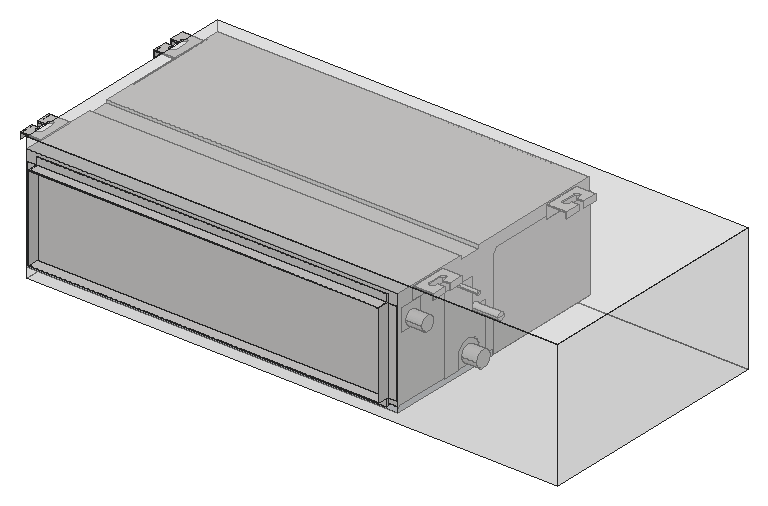
Revit family "outputfile", category 機械設備, Revit 2024
Family settings
  丸型コネクタ寸法 = 半径を使用
  パーツ タイプ = 標準
  OmniClass 番号 = 23.75.10.24.21.27.27
  OmniClass タイトル = Split System Air Conditioning Units
  作業面ベース = いいえ
  常に垂直 = はい
  ロード時にボイドで切り取り = いいえ
  注釈の向きを維持 = いいえ
  共有 = いいえ
  部屋計算ポイント = はい
Parameters (values of type "FXDQ25SPV1")
  Description = ""
  製造元 = "Daikin"
  書き出し IFC クラス(タイプ) = "IfcUnitaryEquipmentType"
  定義済み IFC タイプ(タイプ) = "AIRCONDITIONINGUNIT"
  Cost = 0
  モデル = "FXDQ25SPV1"
  Type Comments = ""
  Keynote = ""
  Type Image = (empty or 0)
  Assembly Code = ""
  w_pipe = 33.0 mm
  r_Liquid Pipe Size = Liquid Pipe Size / 2  # 3.2 mm
  r_Gas Pipe Size = Gas Pipe Size / 2  # 6.35 mm
  r_Drain Pipe Size = Drain Pipe Size / 2  # 10.0 mm
  lw_powersupply = 304.0 mm
  lw_ductflange2 = 630.0 mm
  lw_clearancespace = 1000.0 mm
  lw_Width = 660.0 mm
  lh_suctionflange [instance] = if(Rear Connection_Return Air, 100.0 mm, 190.0 mm)  # 100.0 mm
  lh_liquidpipe = 154.5 mm
  ld_suctionflange [instance] = if(Rear Connection_Return Air, 190.0 mm, 100.0 mm)  # 190.0 mm
  ld_powersupply = 60.0 mm
  angle_vertical_RA [instance] = if(Rear Connection_Return Air, 90.00°, 0.00°)  # 90.00°
  angle horizontal_RA [instance] = if(Rear Connection_Return Air, 180.00°, 270.00°)  # 180.00°
  Voltage_comment_50Hz = "220-240"
  Voltage_50Hz = 230 V
  URL = ""
  Supply Air Direction [instance] = yes
  Sound Power Level_H speed (dB) = 0
  Rear Connection_Return Air [instance] = not(Bottom Connection_Return Air)  # yes
  RA_length = 190.0 mm  # constant formula
  Phase_50Hz = 1
  Minimum External Static Pressure = 10.00 Pa
  Minimum Circuit Amps_50Hz = 0.7 A
  Maximum Fuse Amps_50Hz = 16.0 A
  Maximum External Static Pressure = 30.00 Pa
  Material_Casing = DAIKIN_GalvanizedSteel_Casing_indoorunit
  lw_liquidpipe = 39.2 mm  # constant formula
  lw_gaspipe = 50.6 mm  # constant formula
  lw_mountinghole_pitch = 740.0 mm
  lw_mountinghole = 20.0 mm  # constant formula
  lw_drainpipe = 33.0 mm  # constant formula
  lh_powersupply = 10.0 mm
  lh_gaspipe = 102.0 mm
  lh_mountinghole = Height + [h***]  # 200.0 mm
  lh_drainpipe = 150.0 mm
  lh_antena = 1.0 mm  # constant formula
  ld_liquidpipe = 193.0 mm  # constant formula
  ld_gaspipe = 130.0 mm  # constant formula
  ld_mountinghole_pitch = 0.0 mm  # constant formula
  ld_drainpipe = 280.0 mm
  ld_controlbox = 626.0 mm  # constant formula
  h*** = 0.0 mm  # constant formula
  d_dischargeflange = 21.2 mm  # constant formula
  Width = 700.0 mm
  Version = "ver.1.0"
  Unit Type = "Slim Duct (Standard) Type"
  Unit Mass Weight = 17.00 kg
  Unit Designation [instance] = ""
  Uniclass2015Version = "Products v1.30"
  Uniclass2015Title = "Variable refrigerant flow units"
  Uniclass2015Code = "Pr_70_65_03_94"
  Total Heating Capacity [instance] = 0.000 kW
  Total Cooling Capacity [instance] = 0.000 kW
  Sound Pressure Level_M speed (dBA) = 0
  Sound Pressure Level_L speed (dBA) = 29
  Sound Pressure Level_H speed (dBA) = 33
  Series = "VRV Fan Coil Unit"
  Sensible Cooling Capacity [instance] = 0.000 kW
  SA Duct Size Width = 660.0 mm
  SA Duct Size Height = 160.0 mm
  Refrigerant Type = "R410A"
  RA Duct Size Width = 596.0 mm
  RA Duct Size Height = 172.0 mm
  Power Input (Heating) = 0.059 kW
  Power Input (Cooling) = 0.075 kW
  Option Accessory 3 [instance] = ""
  Option Accessory 2 [instance] = ""
  Option Accessory 1 [instance] = ""
  Nominal Heating Capacity = 3.200 kW
  Nominal Cooling Capacity = 2.800 kW
  Minimum Airflow = 420.00 m³/h
  Median Airflow = 480.00 m³/h
  Maximum Airflow = 540.00 m³/h
  Load Classification = HVAC
  Liquid Pipe Size = 6.4 mm
  Link_Nested Family [instance] = ""
  IfcVersion = "0"
  IfcExportType = "AIRCONDITIONINGUNIT"
  IfcExportAs = "IfcUnitaryEquipmentType"
  Height = 200.0 mm
  Heating Entering Wet Bulb Temperature [instance] = 0.00 °C
  Heating Entering Dry Bulb Temperature [instance] = 0.00 °C
  Heating Ambient Wet Bulb Temperature [instance] = 0.00 °C
  Heating Ambient Dry Bulb Temperature [instance] = 0.00 °C
  Heat Exchanger Type = "Cross Fin Coil"
  Gas Pipe Size = 12.7 mm
  Frequency_50Hz = 50 Hz
  Fan Type = "Sirocco Fan"
  Fan Drive = "Direct Drive"
  FCU Tag No. [instance] = ""
  Drain Pipe Size = 20.0 mm
  Design Supply Airflow [instance] = 0.00 m³/h
  Design Return Airflow [instance] = 0.00 m³/h
  Design External Static Pressure [instance] = 0.00 Pa
  Depth = 450.0 mm
  既定の高さ = 0.0 mm
  Cooling Entering Wet Bulb Temperature [instance] = 0.00 °C
  Cooling Entering Dry Bulb Temperature [instance] = 0.00 °C
  Cooling Ambient Wet Bulb Temperature [instance] = 0.00 °C
  Cooling Ambient Dry Bulb Temperature [instance] = 0.00 °C
  Clearance visibility [instance] = yes
  Clearance Top = 20.0 mm
  Clearance Right = 300.0 mm
  Clearance Rear = 0.0 mm
  Clearance Left = 0.0 mm
  Clearance Front = 0.0 mm
  Clearance Bottom = 20.0 mm
  Bottom Connection_Return Air [instance] = no
Reference planes
  plane 1 "Center (Front/Back)": y = 0
  plane 2: z = 0
  plane 3 "Center (Left/Right)": x = 0
  plane 4 "Back": y = 225
  plane 5 "Front": y = -225
  plane 6 "Left": x = -350
  plane 7 "Right": x = 350
  plane 8 "Top": z = 0
  plane 9 "Bottom": z = -200
  plane 10: x = 330
  plane 11: x = -330
  plane 12: z = -190
  plane 13: z = -6
  plane 14: z = -22
  plane 15: z = -45.5
  plane 16: z = -98
  plane 17: x = -304
  plane 18: x = 304
  plane 19: x = -370
  plane 20: x = 370
  plane 21: y = 165
  plane 22: y = 165
  plane 23: x = -390
  plane 24: x = 390
  plane 25: x = 389.2
  plane 26: x = 400.6
  plane 27: x = 383
  plane 28: z = 0
  plane 29: z = -50
  plane 30 "Clearance Left": x = -350
  plane 31 "Clearance Right": x = 650
  plane 32 "Clearance Rear": y = 225
  plane 33 "Clearance Front": y = -225
  plane 34 "Clearance Top": z = 20
  plane 35 "Clearance Bottom": z = -220
  plane 36: z = -21
  plane 37: z = -170
  plane 38: z = -96.5
  plane 39: y = -46.5
  plane 40: y = -84
  plane 41: y = -197
  plane 42: y = 20
  plane 43: z = -97.5
  plane 44: y = -224
  plane 45: x = -349
  plane 46: z = -100
  plane 47: z = -30
  plane 48: y = 210
  plane 49: z = 301
  plane 50: z = -199
  plane 51: y = 35
  plane 52: z = -101
  plane 53: x = 380
  plane 54: x = 345
  plane 55: x = 355
  plane 56: x = 351
  plane 57: x = 279
  plane 58: x = 349.004
  plane 59: x = -349
  plane 60: x = 304
  plane 61: y = -157.5
  plane 62: y = 157.5
  plane 63: z = -98
  plane 64: z = -45.5
  plane 65: y = -62
  plane 66: y = 224
  plane 67: x = -35
  plane 68: x = 400.6
  plane 69: x = 389.2
Forms (mm)
  Extrusion 1, solid
    sketch origin (0, 0, 0) x (1, 0, 0) y (0, 0, 1)
      loop
        line (-350, -190) -> (-350, -200) -> (350, -200) -> (350, -190) -> (-350, -190)
    from 4.986 to 225
  Extrusion 2, solid, material "DAIKIN_GalvanizedSteel_Casing_indoorunit" <- "Material_Casing"
    sketch origin (0, 0, 0) x (1, 0, 0) y (0, 1, 0)
      loop
        line (-350, -225) -> (350, -225) -> (350, 225) -> (-350, 225) -> (-350, -225)
    from -200 to 0
  Extrusion 3, void
    sketch origin (0, 0, 1) x (1, 0, 0) y (0, 1, 0)
      loop
        line (-350, -36) -> (-350, -78) -> (350, -78) -> (350, -36) -> (-350, -36)
    from -1 to -7
  Revolve 4, solid, material "DAIKIN_GalvanizedSteel_Casing_indoorunit" <- "Material_Casing"
    sketch origin (0, 0, -98) x (0, -1, 0) y (1, 0, 0)
      loop
        line (40.15, 351) -> (46.5, 351) -> (46.5, 400.6) -> (40.15, 400.6) -> (40.15, 351)
      axis (46.5, 351) -> (46.5, 400.6)
    angle from 0 to 360
  Revolve 5, solid, material "DAIKIN_GalvanizedSteel_Casing_indoorunit" <- "Material_Casing"
    sketch origin (0.442, 0, -45.5) x (0, -1, 0) y (1, 0, 0)
      loop
        line (84, 351) -> (84, 388.758) -> (80.8, 388.758) -> (80.8, 351) -> (84, 351)
      axis (84, 388.758) -> (84, 351)
    angle from 0 to 360
  Extrusion 6, solid, material "DAIKIN_GalvanizedSteel_Casing_indoorunit" <- "Material_Casing"
    sketch origin (0, 0, -700) x (0, 1, 0) y (0, 0, 1)
      loop
        circle (-62, 530) r 15
    from 380 to 345
  Extrusion 7, solid, material "DAIKIN_GalvanizedSteel_Casing_indoorunit" <- "Material_Casing"
    sketch origin (0, 0, 0) x (0, 1, 0) y (0, 0, 1)
      loop
        line (-217.5, -66.5) -> (-176.5, -66.5) -> (-176.5, -25.5) -> (-217.5, -25.5) -> (-217.5, -66.5)
    from 350 to 351
  Extrusion 8, solid, material "DAIKIN_GalvanizedSteel_Casing_indoorunit" <- "Material_Casing"
    sketch origin (0, 0, 0) x (0, 1, 0) y (0, 0, 1)
      loop
        circle (-197, -50) r 13
    from 350 to 383
  Extrusion 9, solid, material "DAIKIN_GalvanizedSteel_Casing_indoorunit" <- "Material_Casing"
    sketch origin (0, 0, 0) x (1, 0, 0) y (0, 0, 1)
      loop
        line (-350, -190) -> (-350, -200) -> (350, -200) -> (350, -190) -> (-350, -190)
    from 4.986 to 225
  Extrusion 10, solid, material "DAIKIN_GalvanizedSteel_Casing_indoorunit" <- "Material_Casing", visible <- "Bottom Connection_Return Air"
    sketch origin (0, 0, 0) x (1, 0, 0) y (0, 0, 1)
      loop
        line (279, -200) -> (279, -1) -> (-349, -1) -> (-349, -200) -> (279, -200)
    from -225 to -224
  Extrusion 11, solid, material "DAIKIN_GalvanizedSteel_Casing_indoorunit" <- "Material_Casing", visible <- "Rear Connection_Return Air"
    sketch origin (0, 0, 0) x (1, 0, 0) y (0, 1, 0)
      loop
        line (-349, 225) -> (-349, 26) -> (279, 26) -> (279, 225) -> (-349, 225)
    from -200 to -199
  Extrusion 12, solid, material "DAIKIN_GalvanizedSteel_Casing_indoorunit" <- "Material_Casing"
    sketch origin (0, 0, 0) x (0, 1, 0) y (0, 0, 1)
      loop
        line (-1, -199) -> (225, -199) -> (225, -22) -> (193.393, -22) -> (192.179, -26.532) -> (123.882, -26.532) -> (121.769, -22) -> (6.769, -22) -> (-1, -29.769) -> (-1, -199)
    from 351 to 350
  Extrusion 13, solid, material "DAIKIN_GalvanizedSteel_Casing_indoorunit" <- "Material_Casing"
    sketch origin (0, 0, 0) x (0, 1, 0) y (0, 0, 1)
      loop
        line (-117, -45.5) -> (-117, -190) -> (-22, -190) -> (-22, -98) -> (-40.15, -98)
        arc (-40.15, -98) -> (-46.5, -104.35) -> (-52.85, -98) r 6.35
        line (-52.85, -98) -> (-52.85, -45.5) -> (-80.8, -45.5)
        arc (-80.8, -45.5) -> (-84, -48.7) -> (-87.2, -45.5) r 3.2
        line (-87.2, -45.5) -> (-117, -45.5)
    from 351 to 350
  Extrusion 14, void
    sketch origin (0, 0, 0) x (0, 1, 0) y (0, 0, 1)
      loop
        line (-87, -190) -> (-37, -190) -> (-37, -170)
        arc (-37, -170) -> (-62, -145) -> (-87, -170) r 25
        line (-87, -170) -> (-87, -190)
    from 350 to 351
  Extrusion 15, void
    sketch origin (0, 0, 0) x (1, 0, 0) y (0, 0, 1)
      loop
        line (-349, -1) -> (-349, -209.43) -> (279, -209.43) -> (279, -1) -> (-349, -1)
    from -225 to -26
Cuts and joins
  Extrusion 3, Extrusion 14, Extrusion 15 cuts Extrusion 2
  Extrusion 14, Extrusion 15 cuts Extrusion 9
  Extrusion 14 cuts Extrusion 13
Dimensions and locks
  "lh_powersupply": plane 12 to plane 9 "Bottom"
  locked: plane 8 "Top" to plane 13 at 6
  "Height": plane 8 "Top" to plane 9 "Bottom"
  equal spacing: plane 17, plane 3 "Center (Left/Right)", plane 18, locked at 304 each
  locked: plane 17 to plane 18 at 608
  equal spacing: plane 19, plane 3 "Center (Left/Right)", plane 20
  "lw_mountinghole_pitch": plane 19 to plane 20
  locked: plane 14 to plane 9 "Bottom" at 178
  "lw_mountinghole": plane 23 to plane 19
  locked: plane 15 to plane 9 "Bottom" at 154.5
  "lh_gaspipe": plane 16 to plane 9 "Bottom"
  "lh_mountinghole": plane 28 to plane 9 "Bottom"
  "ld_mountinghole_pitch": plane 22 to plane 21
  equal spacing: plane 6 "Left", plane 3 "Center (Left/Right)", plane 7 "Right"
  "Width": plane 6 "Left" to plane 7 "Right"
  "lh_drainpipe": plane 29 to plane 9 "Bottom"
  "Clearance Right": plane 7 "Right" to plane 31 "Clearance Right"
  "Clearance Left": plane 30 "Clearance Left" to plane 6 "Left"
  "lw_gaspipe": plane 7 "Right" to plane 26
  "lw_liquidpipe": plane 7 "Right" to plane 25
  "lw_drainpipe": plane 7 "Right" to plane 27
  "Clearance Rear": plane 32 "Clearance Rear" to plane 4 "Back"
  "Clearance Front": plane 5 "Front" to plane 33 "Clearance Front"
  "Clearance Top": plane 34 "Clearance Top" to plane 8 "Top"
  "Clearance Bottom": plane 9 "Bottom" to plane 35 "Clearance Bottom"
  "ld_powersupply": plane 4 "Back" to plane 22
  locked: plane 8 "Top" to plane 36 at 21
  locked: plane 8 "Top" to plane 37 at 170
  locked: plane 40 to plane 39 at 37.5
  locked: plane 38 to plane 9 "Bottom" at 103.5
  locked: plane 36 to plane 43 at 76.5
  "Depth": plane 4 "Back" to plane 5 "Front"
  equal spacing: plane 4 "Back", plane 1 "Center (Front/Back)", plane 5 "Front"
  locked: plane 44 to plane 5 "Front" at 1
  locked: plane 45 to plane 6 "Left" at 1
  Extrusion 10 sketch curve to Extrusion 10 sketch curve = 199.0 mm
  locked: plane 12 to plane 46 at 90
  plane 32 "Clearance Rear" to Extrusion 10 = 1.0 mm
  locked: plane 47 to plane 35 "Clearance Bottom" at 190
  plane 48 to nested 12 = 1.0 mm
  plane 49 to plane 28 = 301.0 mm
  locked: plane 50 to plane 9 "Bottom" at 1
  "ld_suctionflange": plane 4 "Back" to plane 51
  locked: plane 52 to plane 9 "Bottom" at 99
  locked: plane 7 "Right" to plane 53 at 30
  locked: plane 54 to plane 7 "Right" at 5
  locked: plane 7 "Right" to plane 55 at 5
  locked: plane 7 "Right" to plane 56 at 1
  locked: plane 7 "Right" to plane 57 at 71
  locked: plane 7 "Right" to plane 58 at 0.996
  locked: plane 59 to plane 6 "Left" at 1
  "lw_powersupply": plane 3 "Center (Left/Right)" to plane 60
  "r_Gas Pipe Size": nested 6 to Revolve 4 sketch curve
  "r_Liquid Pipe Size": nested 5 to Revolve 5 sketch curve
  locked: plane 61 to plane 33 "Clearance Front" at 67.5
  locked: plane 62 to plane 61 at 315
  locked: plane 33 "Clearance Front" to plane 41 at 28
  plane 33 "Clearance Front" to plane 40 = 141.0 mm
  locked: Extrusion 7 sketch curve to Extrusion 7 sketch curve at 41  (x2)
  locked: plane 8 "Top" to plane 64 at 45.5
  plane 64 to plane 63 = 52.5 mm
  locked: plane 33 "Clearance Front" to plane 65 at 163
  plane 33 "Clearance Front" to cut or joined group of Extrusion 2, Extrusion 3, Extrusion 14, Extrusion 15 = 147.0 mm
  nested 12 to plane 67 = 298.0 mm
  "ld_suctionflange": plane 4 "Back" to nested 14
  locked: plane 7 "Right" to plane 68 at 50.6
  locked: plane 7 "Right" to plane 69 at 39.2
  nested 14 to plane 9 "Bottom" = 100.0 mm
  aligned and locked: level to plane 2
  aligned and locked: Extrusion 2 to plane 9 "Bottom"
  aligned and locked: plane 8 "Top" to Extrusion 2
  aligned and locked: Revolve 4 sketch curve to Revolve 4 sketch curve
  aligned and locked: Extrusion 8 to plane 27
  aligned and locked: plane 20 to nested 2
  aligned and locked: plane 19 to nested 3
  aligned and locked: plane 19 to nested 4
  aligned and locked: nested 7 to plane 29
  aligned and locked: Extrusion 8 to nested 7
  aligned and locked: nested 7 to plane 27
  aligned and locked: nested 10 to plane 12
  aligned and locked: Extrusion 9 to plane 5 "Front"
  aligned and locked: Extrusion 9 to plane 9 "Bottom"
  aligned and locked: nested 6 to plane 16
  aligned and locked: nested 8 to plane 44
  aligned and locked: plane 39 to nested 6
  aligned and locked: plane 41 to nested 7
  aligned and locked: Extrusion 11 to nested 12
  aligned and locked: plane 8 "Top" to Extrusion 3
  aligned and locked: plane 9 "Bottom" to Extrusion 11  (x2)
  aligned and locked: Extrusion 11 to plane 50
  aligned and locked: plane 4 "Back" to nested 11
  aligned and locked: plane 32 "Clearance Rear" to nested 13  (x2)
  aligned and locked: nested 13 to plane 33 "Clearance Front"
  aligned and locked: nested 13 to plane 34 "Clearance Top"  (x2)
  aligned and locked: nested 13 to plane 35 "Clearance Bottom"  (x2)
  aligned and locked: plane 4 "Back" to Extrusion 12
  aligned and locked: Extrusion 12 to plane 50
  aligned and locked: plane 7 "Right" to Extrusion 12  (x2)
  aligned and locked: Extrusion 3 to plane 13
  aligned and locked: plane 52 to nested 8
  aligned and locked: plane 7 "Right" to cut or joined group of Extrusion 2, Extrusion 3, Extrusion 14, Extrusion 15
  aligned and locked: Extrusion 6 to plane 54
  aligned and locked: Extrusion 6 to plane 53
  aligned and locked: Extrusion 12 to plane 56
  aligned and locked: Extrusion 7 to plane 56
  aligned and locked: Extrusion 7 to plane 7 "Right"
  aligned and locked: Extrusion 8 to plane 7 "Right"
  aligned and locked: plane 3 "Center (Left/Right)" to nested 15
  aligned and locked: plane 13 to nested 15
  aligned and locked: nested 10 to plane 60
  aligned and locked: plane 20 to nested 1
  aligned and locked: plane 33 "Clearance Front" to nested 15
  aligned and locked: plane 4 "Back" to nested 10
  aligned and locked: Extrusion 2 to plane 5 "Front"
  aligned and locked: plane 3 "Center (Left/Right)" to nested 9
  aligned and locked: nested 9 to plane 1 "Center (Front/Back)"
  aligned and locked: plane 61 to nested 16
  aligned and locked: plane 62 to nested 17
  aligned and locked: nested 19 to plane 61
  aligned and locked: nested 19 to plane 6 "Left"
  aligned and locked: nested 18 to plane 62
  aligned and locked: nested 18 to plane 6 "Left"
  aligned and locked: plane 8 "Top" to nested 19
  aligned and locked: plane 8 "Top" to nested 18
  aligned and locked: plane 8 "Top" to nested 16
  aligned and locked: plane 8 "Top" to nested 17
  aligned and locked: plane 64 to Revolve 5
  aligned and locked: plane 63 to Revolve 4
  aligned and locked: plane 7 "Right" to Extrusion 13
  aligned and locked: plane 56 to Extrusion 13
  aligned and locked: plane 64 to Extrusion 13  (x2)
  aligned and locked: plane 63 to Extrusion 13
  aligned and locked: Extrusion 13 to plane 12
  aligned and locked: plane 56 to cut or joined group of Extrusion 2, Extrusion 3, Extrusion 14, Extrusion 15
  aligned and locked: cut or joined group of Extrusion 2, Extrusion 3, Extrusion 14, Extrusion 15 to plane 7 "Right"
  aligned and locked: Extrusion 6 sketch curve to plane 65
  aligned and locked: plane 37 to Extrusion 6
  aligned and locked: nested 12 to plane 59
  aligned and locked: plane 4 "Back" to Extrusion 15
  aligned and locked: nested 11 to plane 59
  aligned and locked: Extrusion 11 to plane 57
  aligned and locked: Extrusion 10 to plane 59
  aligned and locked: Extrusion 10 to plane 57
  aligned and locked: plane 67 to nested 14
  aligned and locked: nested 11 to plane 50
  aligned and locked: plane 40 to nested 5
  aligned and locked: nested 5 to plane 64
  aligned and locked: plane 31 "Clearance Right" to nested 13
  aligned and locked: plane 7 "Right" to nested 16
  aligned and locked: plane 7 "Right" to nested 17
  aligned and locked: nested 1 to plane 62
  aligned and locked: nested 2 to plane 61
  aligned and locked: nested 3 to plane 61
  aligned and locked: nested 4 to plane 62
  aligned and locked: Revolve 4 to plane 68
  aligned and locked: plane 68 to nested 6
  aligned and locked: Revolve 5 to plane 69
  aligned and locked: plane 69 to nested 5
  aligned and locked: level to plane 8 "Top"
  aligned and locked: plane 16 to plane 63
Automatic sketch dimensions
  Extrusion 1 sketch curve to plane 6 "Left" = 0.0 mm
  Extrusion 1 sketch curve to plane 7 "Right" = 0.0 mm
  Extrusion 1 sketch curve to plane 9 "Bottom" = 0.0 mm
  Extrusion 1 sketch curve to plane 12 = 0.0 mm
  Extrusion 2 sketch curve to plane 4 "Back" = 0.0 mm
  Extrusion 2 sketch curve to plane 6 "Left" = 0.0 mm
  Extrusion 2 sketch curve to plane 7 "Right" = 0.0 mm
  Extrusion 2 sketch curve to plane 44 = 1.0 mm
  Extrusion 3 sketch curve to plane 6 "Left" = 0.0 mm
  Extrusion 3 sketch curve to plane 7 "Right" = 0.0 mm
  plane 1 "Center (Front/Back)" to Extrusion 3 sketch curve = 78.0 mm
  Extrusion 3 sketch curve to plane 42 = 56.0 mm
  Extrusion 6 sketch curve to plane 37 = 0.0 mm
  Extrusion 8 sketch curve to plane 41 = 0.0 mm
  Extrusion 9 sketch curve to plane 6 "Left" = 0.0 mm
  Extrusion 9 sketch curve to plane 7 "Right" = 0.0 mm
  Extrusion 9 sketch curve to plane 9 "Bottom" = 0.0 mm
  Extrusion 9 sketch curve to plane 12 = 0.0 mm
  Extrusion 11 sketch curve to plane 45 = 0.0 mm
  Extrusion 11 sketch curve to plane 4 "Back" = 0.0 mm
  Extrusion 11 sketch curve to plane 18 = 25.0 mm
  plane 42 to Extrusion 11 sketch curve = 6.0 mm
  Revolve 4 sketch curve to plane 26 = 0.0 mm
  Revolve 4 sketch curve to plane 39 = 0.0 mm
  Revolve 4 sketch curve to Revolve 4 sketch curve = 1.003 mm
  plane 26 to Revolve 4 sketch curve = 1.003 mm
  plane 15 to Extrusion 7 sketch curve = 20.0 mm
  plane 44 to Extrusion 7 sketch curve = 6.5 mm
  Extrusion 8 sketch curve to plane 29 = 0.0 mm
  Revolve 4 sketch curve to plane 56 = 0.0 mm
  Extrusion 13 sketch curve to plane 64 = 0.0 mm
  Extrusion 13 sketch curve to plane 12 = 0.0 mm
  Extrusion 13 sketch curve to plane 40 = 0.0 mm
  Extrusion 13 sketch curve to plane 63 = 0.0 mm
  Extrusion 13 sketch curve to plane 39 = 0.0 mm
  Extrusion 13 sketch curve to Extrusion 13 sketch curve = 3.2 mm
  Extrusion 13 sketch curve to Extrusion 13 sketch curve = 29.8 mm
  Extrusion 13 sketch curve to plane 39 = 6.35 mm
  Extrusion 13 sketch curve to Extrusion 13 sketch curve = 18.15 mm
  Extrusion 14 sketch curve to plane 12 = 0.0 mm
  Extrusion 14 sketch curve to plane 37 = 0.0 mm
  Extrusion 14 sketch curve to plane 65 = 0.0 mm
  Extrusion 14 sketch curve to plane 40 = 3.0 mm
  plane 45 to Extrusion 10 sketch curve = 0.0 mm
  Extrusion 10 sketch curve to plane 50 = 1.0 mm
  plane 45 to Extrusion 15 sketch curve = 0.0 mm
  plane 57 to Extrusion 15 sketch curve = 0.0 mm
  Extrusion 15 sketch curve to plane 9 "Bottom" = 9.43 mm
  Extrusion 15 sketch curve to plane 8 "Top" = 1.0 mm
  plane 57 to Extrusion 10 sketch curve = 0.0 mm
  Extrusion 12 sketch curve to plane 50 = 0.0 mm
  Extrusion 12 sketch curve to plane 14 = 0.0 mm  (x2)
  Extrusion 12 sketch curve to plane 4 "Back" = 0.0 mm
  plane 47 to Extrusion 12 sketch curve = 3.468 mm
  Extrusion 12 sketch curve to plane 48 = 17.821 mm
  Extrusion 12 sketch curve to plane 62 = 33.618 mm
  Extrusion 12 sketch curve to Extrusion 12 sketch curve = 2.113 mm
  Extrusion 12 sketch curve to plane 1 "Center (Front/Back)" = 6.769 mm
  plane 1 "Center (Front/Back)" to Extrusion 12 sketch curve = 1.0 mm
  plane 47 to Extrusion 12 sketch curve = 0.231 mm
  Extrusion 12 sketch curve to Extrusion 12 sketch curve = 1.214 mm
  Revolve 5 sketch curve to plane 40 = 0.0 mm  (x2)
  plane 25 to Revolve 5 sketch curve = 0.442 mm
  plane 56 to Revolve 5 sketch curve = 0.442 mm  (x2)
  Revolve 5 sketch curve to plane 25 = 0.0 mm
  radius of Extrusion 6 sketch curve = 15.0 mm
  radius of Extrusion 8 sketch curve = 13.0 mm
Nested families
  nested 1: "daikin_mountinghole" at (370, 157.5, -200), l_antenna <- "lh_antena", Link_Nested Family <- "Link_Nested Family", h_mountinghole <- "lh_mountinghole", type "daikin_mountinghole"
    with show yes, l_antenna 1.0 mm, h_mountinghole 200.0 mm, Link_Nested Family ""
  nested 2: "daikin_mountinghole" at (370, -157.5, -200), Link_Nested Family <- "Link_Nested Family", l_antenna <- "lh_antena", h_mountinghole <- "lh_mountinghole", type "daikin_mountinghole"
    with show yes, l_antenna 1.0 mm, h_mountinghole 200.0 mm, Link_Nested Family ""
  nested 3: "daikin_mountinghole" at (-370, -157.5, -200), l_antenna <- "lh_antena", Link_Nested Family <- "Link_Nested Family", h_mountinghole <- "lh_mountinghole", type "daikin_mountinghole"
    with show yes, l_antenna 1.0 mm, h_mountinghole 200.0 mm, Link_Nested Family ""
  nested 4: "daikin_mountinghole" at (-370, 157.5, -200), l_antenna <- "lh_antena", Link_Nested Family <- "Link_Nested Family", h_mountinghole <- "lh_mountinghole", type "daikin_mountinghole"
    with show yes, l_antenna 1.0 mm, h_mountinghole 200.0 mm, Link_Nested Family ""
  nested 5: "daikin_connector_rotate2" at (350, -84, -45.5) x (0, 1, 0) z (0, 0, 1), length <- "lw_liquidpipe", radius <- "r_Liquid Pipe Size", built-in parameter 1001364 <- "lh_liquidpipe", type "daikin_connector_rotate2"
    with radius 3.2 mm, length 39.2 mm, angle_vertical 90.00°, show_face no
  nested 6: "daikin_connector_rotate2" at (350, -46.5, -98) x (0, 1, 0) z (0, 0, 1), length <- "lw_gaspipe", built-in parameter 1001364 <- "lh_gaspipe", radius <- "r_Gas Pipe Size", type "daikin_connector_rotate2"
    with radius 6.35 mm, length 50.6 mm, angle_vertical 90.00°, show_face no
  nested 7: "daikin_connector_rotate2" at (350, -197, -50) x (0, 1, 0) z (0, 0, 1), built-in parameter 1001364 <- "lh_drainpipe", length <- "lw_drainpipe", radius <- "r_Drain Pipe Size", type "daikin_connector_rotate2"
    with radius 10.0 mm, length 33.0 mm, angle_vertical 90.00°, show_face no
  nested 8: "daikin_connector_rotate2" at (0, -224, -101), length <- "d_dischargeflange", type "daikin_connector_rotate2"
    with radius 10.0 mm, length 21.2 mm, angle_vertical 90.00°, show_face no
  nested 9: "daikin_△_symbolicline" at (-50, -86.603, 200) x (-0.5, 0.866, 0) z (0, 0, 1), built-in parameter 1001364 <- "Height", visible <- "Supply Air Direction", type "daikin_△_symbolicline"
    with length 200.0 mm
  nested 10: "daikin_connector_rotate2" at (304, 165, -190) x (-1, 0, 0) z (0, 0, 1), built-in parameter 1001364 <- "lw_powersupply", length <- "ld_powersupply", type "daikin_connector_rotate2"
    with radius 10.0 mm, length 60.0 mm, angle_vertical 90.00°, show_face no
  nested 11: "daikin_ductflange_FXDQ-SPV1_2" at (-35, 225, -100), visible <- "Rear Connection_Return Air", material <- "Material_Casing", width <- "lw_ductflange2", type "daikin_ductflange_FXDQ-SPV1_2"
    with width 630.0 mm, material DAIKIN_GalvanizedSteel_Casing_indoorunit, height 180.0 mm, depth 21.2 mm
  nested 12: "daikin_ductflange_FXDQ-SPV1_2" at (-35, 125, -200) x (1, 0, 0) z (0, 1, 0), visible <- "Bottom Connection_Return Air", material <- "Material_Casing", width <- "lw_ductflange2", type "daikin_ductflange_FXDQ-SPV1_2"
    with width 630.0 mm, material DAIKIN_GalvanizedSteel_Casing_indoorunit, height 180.0 mm, depth 21.2 mm
  nested 13: "daikin_clearancespace" at (150, 0, -99.881), visible <- "Clearance visibility", show <- "Clearance visibility", width <- "lw_clearancespace", Link_Nested Family <- "Link_Nested Family", type "daikin_clearancespace"
    with width 1000.0 mm, show yes, height 240.0 mm, depth 450.0 mm, Link_Nested Family ""
  nested 14: "daikin_connector_rotate3" at (-35, 35, -100), built-in parameter 1001364 <- "lh_suctionflange", angle_vertical <- "angle_vertical_RA", angle_horizontal <- "angle horizontal_RA", length <- "RA_length", type "daikin_connector_rotate3"
    with show no, radius 10.0 mm, length 190.0 mm, angle_vertical 90.00°, angle_horizontal 180.00°
  nested 15: "daikin_ductflange_FXDQ-SPV1_1" at (0, 88.5, -371.201), width <- "lw_Width", material <- "Material_Casing", type "daikin_ductflange_FXDQ-SPV1_1"
    with width 660.0 mm, material DAIKIN_GalvanizedSteel_Casing_indoorunit, height 162.0 mm, depth 21.2 mm
  nested 16: "daikin_hangerfixture_FXDQ-SPV1" at (350, -157.5, 0) x (0, 1, 0) z (0, 0, 1), type "daikin_hangerfixture_FXDQ-SPV1"
  nested 17: "daikin_hangerfixture_FXDQ-SPV1" at (350, 157.5, 0) x (0, 1, 0) z (0, 0, 1), type "daikin_hangerfixture_FXDQ-SPV1"
  nested 18: "daikin_hangerfixture_FXDQ-SPV1" at (-350, 157.5, 0) x (0, -1, 0) z (0, 0, 1), type "daikin_hangerfixture_FXDQ-SPV1"
  nested 19: "daikin_hangerfixture_FXDQ-SPV1" at (-350, -157.5, 0) x (0, -1, 0) z (0, 0, 1), type "daikin_hangerfixture_FXDQ-SPV1"
Connectors
  piping at (400.6, -46.5, -98), diameter 12.7, driven by "r_Gas Pipe Size"
    settings: on nested 6, index 1, connector inside diameter 609.6 mm, connector length 0.0 mm, flow factor 0, pipe flow 0.00 m³/h, pressure drop 0.0 Pa, fitting loss kfactor 0, connector angle 0.00°, fixture units 0, engagement length 0.0 mm, angle of deflection 0.00°, flow configuration 1, flow direction 2, fitting loss method 0, system type 29, joint type 0, gender type 0, connector reference index -1, connector utility 0, adjustable connector no, is connector primary yes, connector description "Refrigerant Gas Piping"
  piping at (389.2, -84, -45.5), diameter 6.4, driven by "r_Liquid Pipe Size"
    settings: on nested 5, index 2, connector inside diameter 609.6 mm, connector length 0.0 mm, flow factor 0, pipe flow 0.00 m³/h, pressure drop 0.0 Pa, fitting loss kfactor 0, connector angle 0.00°, fixture units 0, engagement length 0.0 mm, angle of deflection 0.00°, flow configuration 1, flow direction 1, fitting loss method 0, system type 29, joint type 0, gender type 0, connector reference index -1, connector utility 0, adjustable connector no, is connector primary no, connector description "Refrigerant Liquid Piping"
  piping at (383, -197, -50), diameter 20, driven by "r_Drain Pipe Size"
    settings: on nested 7, index 3, connector inside diameter 609.6 mm, connector length 0.0 mm, flow factor 0, pipe flow 0.00 m³/h, pressure drop 0.0 Pa, fitting loss kfactor 0, connector angle 0.00°, fixture units 0, engagement length 0.0 mm, angle of deflection 0.00°, flow configuration 1, flow direction 2, fitting loss method 4, system type 16, joint type 0, gender type 0, connector reference index -1, connector utility 0, adjustable connector no, is connector primary no, connector description "Condensate Drain Piping"
  hvac at (0, -245.2, -101), driven by "SA Duct Size Height", driven by "SA Duct Size Width"
    settings: on nested 8, index 7, duct flow 0.00 m³/h, flow factor 0, pres drop 0.00 Pa, loss coef 0, conn angle 0.00°, conn width 660.0 mm, conn height 160.0 mm, conn diameter 609.6 mm, duct sys type 1, conn prof type 1, flow config 0, flow direction 2, loss method 4, conn ref index -1, conn util no, is conn primary yes, conn desc "SA Duct"
  electrical at (304, 225, -190), driven by "Load Classification"
    settings: on nested 10, index 9, voltage 0 V, apparent load 0 VA, apparent load phase1 0 VA, apparent load phase2 0 VA, apparent load phase3 0 VA, power factor 1, load classification "HVAC", number of poles 1, system type 30, power factor state 1, is connector primary yes, connector utility no, sub classification motor no, connector description "Power Supply"
  hvac at (-35, 225, -100), driven by "RA Duct Size Height", driven by "RA Duct Size Width"
    settings: on nested 14, index 10, duct flow 0.00 m³/h, flow factor 0, pres drop 0.00 Pa, loss coef 0, conn angle 0.00°, conn width 596.0 mm, conn height 172.0 mm, conn diameter 609.6 mm, duct sys type 2, conn prof type 1, flow config 0, flow direction 1, loss method 4, conn ref index -1, conn util no, is conn primary no, conn desc "RA Duct"
Definition of nested family "daikin_ductflange_FXDQ-SPV1_2"
  Parameters (values of type "daikin_ductflange_FXDQ-PDVE2")
    width [instance] = 630.0 mm
    material [instance] = none
    height [instance] = 186.0 mm
    depth [instance] = 21.2 mm
    Default Elevation = 0.0 mm
  Reference planes
    plane 1 "Center (Front/Back)": y = 0
    plane 2: z = 0
    plane 3 "Center (Left/Right)": x = 0
    plane 4: y = -313.5
    plane 5: y = -334.7
    plane 6: x = -315
    plane 7: x = 315
    plane 8: z = 86
    plane 9: z = -86
    plane 10: z = 100
    plane 11: z = -100
    plane 12: x = -314
    plane 13: x = 314
  Forms (mm)
    Extrusion 1, solid, material <- "material"
      sketch origin (0, 0, 0) x (1, 0, 0) y (0, 0, 1)
        loop
          line (-298, 86) -> (-298, -86) -> (298, -86) -> (298, 86) -> (-298, 86)
        loop
          line (-314, -99) -> (314, -99) -> (314, 99) -> (-314, 99) -> (-314, -99)
      from 0 to 1
  Dimensions and locks
    plane 4 to plane 1 "Center (Front/Back)" = 313.5 mm
    "depth": plane 5 to plane 4
    equal spacing: plane 7, plane 3 "Center (Left/Right)", plane 6
    "width": plane 7 to plane 6
    equal spacing: plane 10, level, plane 11, locked at 100 each
    locked: plane 10 to plane 11 at 200
    plane 12 to plane 6 = 1.0 mm
    locked: plane 7 to plane 13 at 1
    plane 10 to Extrusion 1 sketch curve = 1.0 mm
    Extrusion 1 sketch curve to plane 11 = 1.0 mm
    locked: Extrusion 1 sketch curve to Extrusion 1 sketch curve at 13  (x2)
    locked: Extrusion 1 sketch curve to Extrusion 1 sketch curve at 16  (x2)
    locked: plane 10 to plane 8 at 14
    locked: plane 9 to plane 11 at 14
    plane 8 to plane 2 to plane 9 = 86.0 mm, 86.0 mm
    plane 8 to plane 9 = 172.0 mm
    aligned and locked: level to plane 2
  Automatic sketch dimensions
    plane 6 to Extrusion 1 sketch curve = 1.0 mm
    Extrusion 1 sketch curve to plane 7 = 1.0 mm
Definition of nested family "daikin_clearancespace"
  Parameters (values of type "daikin_clearancespace")
    width [instance] = 1823.963 mm
    show [instance] = yes
    material = none
    height [instance] = 1359.762 mm
    depth [instance] = 880.0 mm
    Default Elevation = 0.0 mm
    Link_Nested Family [instance] = ""
  Reference planes
    plane 1 "Center (Front/Back)": y = 0
    plane 2 "Center (Elevation)": z = -0.119
    plane 3 "Center (Left/Right)": x = 0
    plane 4: y = 440
    plane 5: y = -440
    plane 6 "Right": x = 911.982
    plane 7 "Left": x = -911.982
    plane 8 "Top": z = 679.762
    plane 9 "Bottom": z = -680
  Forms (mm)
    Extrusion 1, solid, material <- "material", visible <- "show"
      sketch origin (0, 0, 0) x (1, 0, 0) y (0, 1, 0)
        loop
          line (-911.982, 440) -> (-911.982, -440) -> (911.982, -440) -> (911.982, 440) -> (-911.982, 440)
      from -680 to 679.762
  Lines and regions (mm)
    symbolic lines, visible <- "show"
      curve 1: line (911.982, 440, 0) -> (-911.982, 440, 0)
      curve 2: line (-911.982, 440, 0) -> (-911.982, -440, 0)
      curve 3: line (-911.982, -440, 0) -> (911.982, -440, 0)
      curve 4: line (911.982, -440, 0) -> (911.982, 440, 0)
      curve 5: line (911.982, 0, 679.762) -> (-911.982, 0, 679.762)
      curve 6: line (911.982, 0, -680) -> (911.982, 0, 679.762)
      curve 7: line (-911.982, 0, -680) -> (911.982, 0, -680)
      curve 8: line (-911.982, 0, 679.762) -> (-911.982, 0, -680)
      curve 9: line (0, 440, 679.762) -> (0, -440, 679.762)
      curve 10: line (0, -440, 679.762) -> (0, -440, -680)
      curve 11: line (0, 440, -680) -> (0, 440, 679.762)
      curve 12: line (0, -440, -680) -> (0, 440, -680)
  Dimensions and locks
    "width": plane 7 "Left" to plane 6 "Right"
    "depth": plane 4 to plane 5
    "height": plane 8 "Top" to plane 9 "Bottom"
    equal spacing: plane 7 "Left", plane 3 "Center (Left/Right)", plane 6 "Right"
    equal spacing: plane 4, plane 1 "Center (Front/Back)", plane 5
    equal spacing: plane 8 "Top", plane 2 "Center (Elevation)", plane 9 "Bottom"
    aligned and locked: level to plane 2 "Center (Elevation)"
    aligned and locked: Extrusion 1 sketch curve to plane 4
    aligned and locked: plane 7 "Left" to Extrusion 1 sketch curve
    aligned and locked: Extrusion 1 sketch curve to plane 5
    aligned and locked: Extrusion 1 sketch curve to plane 6 "Right"
    aligned and locked: plane 8 "Top" to Extrusion 1
    aligned and locked: curve 1 to Extrusion 1
    aligned and locked: curve 2 to Extrusion 1
    aligned and locked: curve 3 to Extrusion 1
    aligned and locked: curve 4 to Extrusion 1
    aligned and locked: curve 5 to Extrusion 1
    aligned and locked: curve 6 to Extrusion 1
    aligned and locked: curve 7 to Extrusion 1
    aligned and locked: curve 8 to Extrusion 1
    aligned and locked: curve 9 to Extrusion 1
    aligned and locked: curve 10 to Extrusion 1
    aligned and locked: curve 11 to Extrusion 1
    aligned and locked: curve 12 to Extrusion 1
    aligned and locked: Extrusion 1 to plane 9 "Bottom"
Definition of nested family "daikin_ductflange_FXDQ-SPV1_1"
  Parameters (values of type "daikin_ductflange_FXDQ-PDVE")
    width [instance] = 862.0 mm
    material [instance] = none
    height [instance] = 162.0 mm
    depth [instance] = 21.2 mm
    Default Elevation = 0.0 mm
  Reference planes
    plane 1 "Center (Front/Back)": y = 0
    plane 2: z = 189.201
    plane 3 "Center (Left/Right)": x = 0
    plane 4: y = -313.5
    plane 5: x = -431
    plane 6: x = 431
    plane 7: y = -334.7
    plane 8: z = 351.201
    plane 9: z = 270.201
    plane 10: z = 350.201
    plane 11: z = 190.201
  Forms (mm)
    Extrusion 1, solid, material <- "material"
      sketch origin (0, 0, 189.201) x (1, 0, 0) y (0, 1, 0)
        loop
          line (-431, -334.7) -> (-431, -313.5) -> (-449, -313.5) -> (-449, -314.5) -> (-432, -314.5) -> (-432, -334.7) -> (-431, -334.7)
        loop
          line (431, -334.7) -> (432, -334.7) -> (432, -314.5) -> (449, -314.5) -> (449, -313.5) -> (431, -313.5) -> (431, -334.7)
      from 1 to 161
    Extrusion 2, solid, material <- "material"
      sketch origin (0, 0, 0) x (0, 1, 0) y (0, 0, 1)
        loop
          line (-313.5, 350.201) -> (-313.5, 365.201) -> (-314.5, 365.201) -> (-314.5, 351.201) -> (-334.7, 351.201) -> (-334.7, 350.201) -> (-313.5, 350.201)
        loop
          line (-313.5, 190.201) -> (-334.7, 190.201) -> (-334.7, 189.201) -> (-314.5, 189.201) -> (-314.5, 175.201) -> (-313.5, 175.201) -> (-313.5, 190.201)
      from -431 to 431
  Dimensions and locks
    plane 4 to plane 1 "Center (Front/Back)" = 313.5 mm
    "depth": plane 7 to plane 4
    equal spacing: plane 8, plane 9, level, locked at 81 each
    "height": plane 8 to level
    equal spacing: plane 6, plane 3 "Center (Left/Right)", plane 5
    "width": plane 6 to plane 5
    plane 5 to plane 6 = 862.0 mm
    locked: plane 8 to plane 10 at 1
    locked: plane 11 to level at 1
    locked: Extrusion 1 to Extrusion 2 sketch curve at 1
    locked: Extrusion 2 sketch curve to Extrusion 1 at 1
    locked: Extrusion 1 sketch curve to Extrusion 1 sketch curve at 1
    locked: Extrusion 1 sketch curve to plane 5 at 18
    locked: Extrusion 1 to plane 5 at 18
    locked: plane 6 to Extrusion 1 at 18
    locked: plane 5 to Extrusion 1 at 18
    locked: Extrusion 1 to plane 6 at 18
    aligned and locked: level to plane 2
    aligned and locked: Extrusion 2 to plane 5
    aligned and locked: Extrusion 2 to plane 11
    aligned and locked: Extrusion 2 to plane 10
    aligned and locked: plane 6 to Extrusion 2
    aligned and locked: plane 5 to Extrusion 2  (x2)
    aligned and locked: plane 5 to Extrusion 1  (x2)
    aligned and locked: Extrusion 1 to plane 6
    aligned and locked: plane 6 to Extrusion 1
  Automatic sketch dimensions
    Extrusion 1 sketch curve to plane 4 = 0.0 mm  (x2)
    Extrusion 1 sketch curve to plane 7 = 0.0 mm  (x2)
    plane 5 to Extrusion 1 sketch curve = 0.0 mm
    Extrusion 1 sketch curve to plane 5 = 1.0 mm
    plane 6 to Extrusion 1 sketch curve = 1.0 mm
    Extrusion 2 sketch curve to plane 7 = 0.0 mm  (x2)
    Extrusion 2 sketch curve to plane 4 = 0.0 mm  (x2)
    Extrusion 2 sketch curve to plane 11 = 0.0 mm
    Extrusion 2 sketch curve to plane 10 = 0.0 mm
    Extrusion 2 sketch curve to plane 4 = 1.0 mm  (x2)
    Extrusion 2 sketch curve to level = 14.0 mm
    plane 8 to Extrusion 2 sketch curve = 14.0 mm
    Extrusion 1 sketch curve to Extrusion 1 sketch curve = 17.0 mm
    Extrusion 1 sketch curve to plane 4 = 1.0 mm
    Extrusion 1 sketch curve to plane 6 = 0.0 mm
Definition of nested family "daikin_hangerfixture_FXDQ-SPV1"
  Parameters (values of type "daikin_hangerfixture_FXDQ-SPV1")
    width = 700.0 mm
    material = none
    height = 30.0 mm
    depth = 619.0 mm
    Default Elevation = 0.0 mm
  Reference planes
    plane 1 "Center (Front/Back)": y = 0
    plane 2: z = 0
    plane 3 "Center (Left/Right)": x = 0
    plane 4: x = -34
    plane 5: x = 34
    plane 6: y = -39.5
    plane 7: z = -24.5
  Forms (mm)
    Extrusion 1, solid, material <- "material"
      sketch origin (0, 0, 0) x (0, 1, 0) y (0, 0, 1)
        loop
          line (0, 0) -> (-39.5, 0) -> (-39.5, -11) -> (-38, -11) -> (-38, -1.5) -> (-1.5, -1.5) -> (-1.5, -24.5) -> (0, -24.5) -> (0, 0)
      from -34 to 34
    Extrusion 2, void
      sketch origin (0, 0, 0) x (1, 0, 0) y (0, 1, 0)
        loop
          line (6.5, -39.5) -> (6.5, -26.5) -> (12.5, -26.5)
          arc (12.5, -26.5) -> (18.5, -20.5) -> (12.5, -14.5) r 6
          line (12.5, -14.5) -> (-12.5, -14.5)
          arc (-12.5, -14.5) -> (-18.5, -20.5) -> (-12.5, -26.5) r 6
          line (-12.5, -26.5) -> (-6.5, -26.5) -> (-6.5, -39.5) -> (6.5, -39.5)
      from -70.244 to 68
  Cuts and joins
    Extrusion 2 cuts Extrusion 1
  Dimensions and locks
    equal spacing: plane 4, plane 3 "Center (Left/Right)", plane 5, locked at 34 each
    locked: plane 4 to plane 5 at 68
    locked: plane 6 to plane 1 "Center (Front/Back)" at 39.5
    locked: plane 2 to plane 7 at 24.5
    aligned and locked: level to plane 2
    aligned and locked: plane 2 to Extrusion 1
    aligned and locked: Extrusion 1 to plane 1 "Center (Front/Back)"  (x2)
    aligned and locked: Extrusion 1 to plane 4
    aligned and locked: plane 5 to Extrusion 1
    aligned and locked: Extrusion 1 to plane 6  (x2)
    aligned and locked: Extrusion 1 to plane 7
    aligned and locked: plane 4 to Extrusion 1
    aligned and locked: Extrusion 1 to plane 5
  Automatic sketch dimensions
    Extrusion 1 sketch curve to level = 0.0 mm
    Extrusion 1 sketch curve to plane 1 "Center (Front/Back)" = 0.0 mm
    plane 1 "Center (Front/Back)" to Extrusion 1 sketch curve = 1.5 mm
    Extrusion 1 sketch curve to level = 1.5 mm
    Extrusion 1 sketch curve to Extrusion 1 sketch curve = 36.5 mm
    Extrusion 1 sketch curve to Extrusion 1 sketch curve = 1.5 mm
    Extrusion 1 sketch curve to Extrusion 1 sketch curve = 9.5 mm
    Extrusion 1 sketch curve to Extrusion 1 sketch curve = 23.0 mm
    Extrusion 2 sketch curve to plane 6 = 0.0 mm
    Extrusion 2 sketch curve to plane 3 "Center (Left/Right)" = 12.5 mm
    Extrusion 2 sketch curve to Extrusion 2 sketch curve = 6.0 mm  (x3)
    plane 3 "Center (Left/Right)" to Extrusion 2 sketch curve = 6.5 mm
    Extrusion 2 sketch curve to Extrusion 2 sketch curve = 13.0 mm
    Extrusion 2 sketch curve to Extrusion 2 sketch curve = 0.0 mm
Definition of nested family "daikin_mountinghole"
  Parameters (values of type "daikin_mountinghole")
    Default Elevation = 1219.2 mm
    Type Comments = "mountinghole"
    show [instance] = yes
    material = none
    l_centerline = 100.0 mm
    l_antenna [instance] = 100.0 mm
    h_mountinghole [instance] = 0.0 mm
    d_circle = 30.0 mm
    Link_Nested Family [instance] = ""
  Reference planes
    plane 1 "Center (Front/Back)": y = 0
    plane 2: z = 0
    plane 3 "Center (Left/Right)": x = 0
    plane 4: y = 50
    plane 5: x = -50
    plane 6: x = 50
    plane 7: y = -50
    plane 8 "h_mountinghole": z = 0
    plane 9: z = 100
  Lines and regions (mm)
    model lines, detail levels fine
      curve 1: circle (0, 0, 0) r 15 normal (0, 0, 1)
      curve 2: line (-50, 0, 0) -> (50, 0, 0)
      curve 3: line (0, 50, 0) -> (0, -50, 0)
    symbolic lines, detail levels fine
      curve 4: circle (0, 0, 0) r 15 normal (0, 0, 1)
      curve 5: line (-50, 0, 0) -> (50, 0, 0)
      curve 6: line (0, 50, 0) -> (0, -50, 0)
    model lines
      curve 7: line (0, 0, 100) -> (0, 0, 0)
  Dimensions and locks
    equal spacing: plane 4, plane 1 "Center (Front/Back)", plane 7
    "l_centerline": plane 4 to plane 7
    equal spacing: plane 5, plane 3 "Center (Left/Right)", plane 6
    "l_centerline": plane 5 to plane 6
    "l_antenna": plane 9 to plane 8 "h_mountinghole"
    "h_mountinghole": plane 8 "h_mountinghole" to plane 2
    "d_circle": diameter of curve 1
    "d_circle": diameter of curve 4
    aligned and locked: level to plane 2
    aligned and locked: plane 1 "Center (Front/Back)" to curve 1
    aligned and locked: plane 3 "Center (Left/Right)" to curve 1
    aligned and locked: plane 1 "Center (Front/Back)" to curve 2
    aligned and locked: curve 3 to plane 3 "Center (Left/Right)"
    aligned and locked: plane 6 to curve 2
    aligned and locked: plane 5 to curve 2
    aligned and locked: plane 4 to curve 3
    aligned and locked: plane 7 to curve 3
    aligned and locked: plane 1 "Center (Front/Back)" to curve 4
    aligned and locked: plane 3 "Center (Left/Right)" to curve 4
    aligned and locked: plane 6 to curve 5
    aligned and locked: plane 5 to curve 5
    aligned and locked: plane 1 "Center (Front/Back)" to curve 5
    aligned and locked: plane 4 to curve 6
    aligned and locked: plane 7 to curve 6
    aligned and locked: curve 6 to plane 3 "Center (Left/Right)"
    aligned and locked: curve 7 to plane 3 "Center (Left/Right)"
    aligned and locked: plane 9 to curve 7
    aligned and locked: plane 8 "h_mountinghole" to curve 7
Definition of nested family "daikin_connector_rotate2"
  Parameters (values of type "daikin_connector_rotate2")
    show_face = yes
    radius [instance] = 10.0 mm
    length [instance] = 600.0 mm
    d_surface = 10.0 mm
    angle_vertical [instance] = 90.00°
    Default Elevation = 0.0 mm
  Reference planes
    plane 1 "Center (Front/Back)": y = 0
    plane 2: z = 0
    plane 3 "Center (Left/Right)": x = 0
  Forms (mm)
    Extrusion 1, solid, visible <- "show_face"
      sketch origin (0, -600, 0) x (1, 0, 0) y (0, 0, 1)
        loop
          circle (0, 0) r 10
      from 0 to -10
  Lines and regions (mm)
    reference lines
      curve 1: line (0, 0, 0) -> (0, -600, 0)
    symbolic lines
      curve 2: circle (0, 0, 0) r 5 normal (0, 0, 1)
    model lines, visible <- "show_face"
      curve 3: line (0, 0, 0) -> (0, -600, 0)
  Dimensions and locks
    "length": curve 1 to curve 1
    "length": curve 3 to curve 3
    "d_surface": Extrusion 1 to Extrusion 1
    "radius": radius of Extrusion 1 sketch curve
    "angle_vertical": angle curve 1 to plane 1 "Center (Front/Back)"
    "angle_vertical": angle curve 3 to plane 1 "Center (Front/Back)"
    aligned and locked: level to plane 2
    aligned and locked: plane 1 "Center (Front/Back)" to curve 1
    aligned and locked: plane 2 to curve 1
    aligned and locked: plane 1 "Center (Front/Back)" to curve 2
    aligned and locked: plane 3 "Center (Left/Right)" to curve 2
    aligned and locked: plane 1 "Center (Front/Back)" to curve 3
    aligned and locked: plane 2 to curve 3
    aligned and locked: Extrusion 1 to Extrusion 1
  Automatic sketch dimensions
    Extrusion 1 sketch curve to level = 0.0 mm
    Extrusion 1 sketch curve to plane 3 "Center (Left/Right)" = 0.0 mm
    radius of curve 2 = 5.0 mm
Definition of nested family "daikin_△_symbolicline"
  Parameters (values of type "daikin_△_symbolicline")
    length [instance] = 500.0 mm
    Default Elevation = 0.0 mm
  Reference planes
    plane 1 "Center (Front/Back)": y = 0
    plane 2: z = 0
    plane 3 "Center (Left/Right)": x = 0
  Lines and regions (mm)
    symbolic lines
      curve 1: line (0, -433.013, 0) -> (250, 0, 0)
      curve 2: line (250, 0, 0) -> (-250, 0, 0)
      curve 3: line (-250, 0, 0) -> (0, -433.013, 0)
  Dimensions and locks
    equal spacing: curve 3, plane 3 "Center (Left/Right)", curve 2
    "length": curve 3 to curve 2
    "length": curve 3 to curve 3
    "length": curve 1 to curve 1
    aligned and locked: level to plane 2
    aligned and locked: curve 2 to plane 1 "Center (Front/Back)"
    aligned and locked: plane 3 "Center (Left/Right)" to curve 3
Definition of nested family "daikin_connector_rotate3"
  Parameters (values of type "daikin_connector_rotate3")
    Default Elevation = 1219.2 mm
    show [instance] = yes
    radius [instance] = 10.0 mm
    length [instance] = 600.0 mm
    angle_horizontal [instance] = 60.00°
    angle_vertical [instance] = 90.00°
  Reference planes
    plane 1 "Center (Front/Back)": y = 0
    plane 2: z = 0
    plane 3 "Center (Left/Right)": x = 0
  Dimensions and locks
    "angle_horizontal": angle plane 3 "Center (Left/Right)" to nested 1
    aligned and locked: level to plane 2
    aligned and locked: plane 1 "Center (Front/Back)" to nested 1  (x2)
    aligned and locked: plane 3 "Center (Left/Right)" to nested 1
  Nested families
    nested 1: "daikin_connector_rotate2" at (0, 0, 0) x (0.5, 0.866, 0) z (0, 0, 1), angle_vertical <- "angle_vertical", length <- "length", radius <- "radius", type "daikin_connector_rotate2"
      with radius 10.0 mm, length 600.0 mm, angle_vertical 90.00°
  Definition of nested family "daikin_connector_rotate2"
    Parameters (values of type "daikin_connector_rotate2")
      show_face = yes
      radius [instance] = 10.0 mm
      length [instance] = 600.0 mm
      d_surface = 10.0 mm
      angle_vertical [instance] = 90.00°
      Default Elevation = 0.0 mm
    Reference planes
      plane 1 "Center (Front/Back)": y = 0
      plane 2: z = 0
      plane 3 "Center (Left/Right)": x = 0
    Forms (mm)
      Extrusion 1, solid, visible <- "show_face"
        sketch origin (0, -600, 0) x (1, 0, 0) y (0, 0, 1)
          loop
            circle (0, 0) r 10
        from 0 to -10
    Lines and regions (mm)
      reference lines
        curve 1: line (0, 0, 0) -> (0, -600, 0)
      symbolic lines
        curve 2: circle (0, 0, 0) r 5 normal (0, 0, 1)
      model lines, visible <- "show_face"
        curve 3: line (0, 0, 0) -> (0, -600, 0)
    Dimensions and locks
      "length": curve 1 to curve 1
      "length": curve 3 to curve 3
      "d_surface": Extrusion 1 to Extrusion 1
      "radius": radius of Extrusion 1 sketch curve
      "angle_vertical": angle curve 1 to plane 1 "Center (Front/Back)"
      "angle_vertical": angle curve 3 to plane 1 "Center (Front/Back)"
      aligned and locked: level to plane 2
      aligned and locked: plane 1 "Center (Front/Back)" to curve 1
      aligned and locked: plane 2 to curve 1
      aligned and locked: plane 1 "Center (Front/Back)" to curve 2
      aligned and locked: plane 3 "Center (Left/Right)" to curve 2
      aligned and locked: plane 1 "Center (Front/Back)" to curve 3
      aligned and locked: plane 2 to curve 3
      aligned and locked: Extrusion 1 to Extrusion 1
    Automatic sketch dimensions
      Extrusion 1 sketch curve to level = 0.0 mm
      Extrusion 1 sketch curve to plane 3 "Center (Left/Right)" = 0.0 mm
      radius of curve 2 = 5.0 mm
